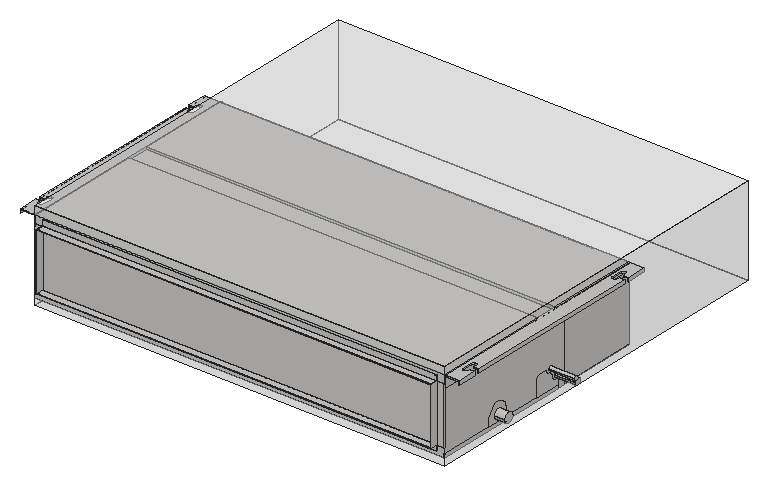
Revit family "outputfile", category 機械設備, Revit 2024
Family settings
  丸型コネクタ寸法 = 半径を使用
  パーツ タイプ = 標準
  OmniClass 番号 = 23.75.10.24.21.27.27
  OmniClass タイトル = Split System Air Conditioning Units
  作業面ベース = いいえ
  常に垂直 = はい
  ロード時にボイドで切り取り = いいえ
  注釈の向きを維持 = いいえ
  共有 = いいえ
  部屋計算ポイント = はい
Parameters (values of type "FDLF24DV2S")
  Description = ""
  書き出し IFC クラス(タイプ) = "IfcUnitaryEquipmentType"
  定義済み IFC タイプ(タイプ) = "AIRCONDITIONINGUNIT"
  Cost = 0
  Type Comments = ""
  Keynote = ""
  Type Image = (empty or 0)
  Assembly Code = ""
  switch_frequency = yes
  ld_powersupply = Depth / 2  # 310 mm
  connector_voltage = Voltage_50Hz  # 220 V
  connector_powerinput = [Power Input (Cooling)]  # 0.000 kW
  connector_phase = Phase_50Hz  # 1
  angle_liquidpipe [instance] = if(Right Connection_refrigerant, 90.00°, 270.00°)  # 90.00°
  angle_gaspipe [instance] = if(Right Connection_refrigerant, 90.00°, 270.00°)  # 90.00°
  angle_drainpipe [instance] = if(Right Connection_refrigerant, 90.00°, 270.00°)  # 90.00°
  URL = ""
  Right Connection_refrigerant [instance] = yes
  製造元 = "Daikin"
  モデル = "FDLF24DV2S"
  r_Liquid Pipe Size = Liquid Pipe Size / 2  # 4.75 mm
  r_Gas Pipe Size = Gas Pipe Size / 2  # 7.95 mm
  r_Drain Pipe Size = Drain Pipe Size / 2  # 12.5 mm
  lw_powersupply = 50 mm  # constant formula
  lw_ductflange2 = 1003 mm
  lw_Width = 1060 mm
  lh_suctionflange [instance] = 100 mm  # constant formula
  ld_suctionflange [instance] = if(Rear Connection_Return Air, 190.25 mm, 100.25 mm)  # 190.25 mm
  angle_vertical_RA [instance] = if(Rear Connection_Return Air, 90.00°, 0.00°)  # 90.00°
  angle horizontal_RA [instance] = if(Rear Connection_Return Air, 180.00°, 270.00°)  # 180.00°
  Voltage_comment_50Hz = "220 - 240"
  Voltage_50Hz = 220 V
  Supply Air Direction [instance] = yes
  Sound Power Level_H speed (dB) = 0
  Rear Connection_Return Air [instance] = not(Bottom Connection_Return Air)  # yes
  RA_length [instance] = if(Rear Connection_Return Air, 190.25 mm, 100 mm)  # 190.25 mm
  Phase_50Hz = 1
  Minimum External Static Pressure = 15.00 Pa
  Minimum Circuit Amps_50Hz = 0.0 A
  Maximum Fuse Amps_50Hz = 0.0 A
  Maximum External Static Pressure = 38.00 Pa
  Material_Casing = DAIKIN_GalvanizedSteel_Casing_indoorunit
  lw_liquidpipe = 621 mm
  lw_gaspipe = 608 mm
  lw_mountinghole = 1140 mm
  lw_drainpipe = 580 mm
  lh_powersupply = 150 mm  # constant formula
  lh_liquidpipe = 138 mm  # constant formula
  lh_gaspipe = 160 mm  # constant formula
  lh_mountinghole = Height  # 200 mm
  lh_drainpipe = 170 mm  # constant formula
  lh_antena = 1 mm  # constant formula
  ld_liquidpipe = 353 mm  # constant formula
  ld_gaspipe = 375 mm  # constant formula
  ld_mountinghole = 500 mm  # constant formula
  ld_drainpipe = 178 mm  # constant formula
  ld_controlbox = 626 mm  # constant formula
  h*** = 0 mm  # constant formula
  d_dischargeflange = 21.2 mm  # constant formula
  Width = 1100 mm
  Version = "ver.1.0"
  Unit Type = "L.S.P. Duct for Living Room"
  Unit Mass Weight = 31.00 kg
  Unit Designation [instance] = ""
  Uniclass2015Version = "Products v1.30"
  Uniclass2015Title = "Split coil room air conditioning units"
  Uniclass2015Code = "Pr_70_65_03_86"
  Total Cooling Capacity [instance] = 0.000 kW
  Sound Pressure Level_M speed (dBA) = 37
  Sound Pressure Level_L speed (dBA) = 34
  Sound Pressure Level_H speed (dBA) = 40
  Series = "SkyAir_Fan Coil Unit"
  Sensible Cooling Capacity [instance] = 0.000 kW
  SA Duct Size Width = 1060 mm
  SA Duct Size Height = 153 mm
  Refrigerant Type = "R32"
  RA Duct Size Width = 961 mm
  RA Duct Size Height = 160 mm
  Power Input (Cooling) = 0.000 kW
  Option Accessory 3 [instance] = ""
  Option Accessory 2 [instance] = ""
  Option Accessory 1 [instance] = ""
  Nominal Cooling Capacity = 7.000 kW
  Minimum Airflow = 990.00 m³/h
  Median Airflow = 1080.00 m³/h
  Maximum Airflow = 1200.00 m³/h
  Load Classification = HVAC
  Liquid Pipe Size = 9.5 mm
  Link_Nested Family [instance] = ""
  Left Connection_refrigerant [instance] = not(Right Connection_refrigerant)  # no
  IfcVersion = ""
  IfcExportType = "AIRCONDITIONINGUNIT"
  IfcExportAs = "IfcUnitaryEquipmentType"
  Height = 200 mm
  Heat Exchanger Type = "Cross Fin Coil"
  Gas Pipe Size = 15.9 mm
  Frequency_50Hz = 50 Hz
  Fan Type = "Sirocco Fan"
  Fan Drive = "Direct Drive"
  FCU Tag No. [instance] = ""
  Drain Pipe Size = 25.0 mm
  Design Supply Airflow [instance] = 0.00 m³/h
  Design Return Airflow [instance] = 0.00 m³/h
  Design External Static Pressure [instance] = 0.00 Pa
  Depth = 620 mm
  既定の高さ = 0 mm
  Cooling Entering Wet Bulb Temperature [instance] = 0.00 °C
  Cooling Entering Dry Bulb Temperature [instance] = 0.00 °C
  Cooling Ambient Wet Bulb Temperature [instance] = 0.00 °C
  Cooling Ambient Dry Bulb Temperature [instance] = 0.00 °C
  Clearance visibility [instance] = yes
  Clearance Top = 20 mm
  Clearance Right = 0 mm
  Clearance Rear = 400 mm
  Clearance Left = 0 mm
  Clearance Front = 0 mm
  Clearance Bottom = 20 mm
  Bottom Connection_Return Air [instance] = no
Reference planes
  plane 1 "Center (Front/Back)": y = 0
  plane 2: z = 0
  plane 3 "Center (Left/Right)": x = 0
  plane 4 "Back": y = 310
  plane 5 "Front": y = -310
  plane 6 "Left": x = -550
  plane 7 "Right": x = 550
  plane 8 "Top": z = 0
  plane 9 "Bottom": z = -200
  plane 10: x = -570
  plane 11: x = 570
  plane 12: y = 250
  plane 13: z = 0
  plane 14 "Clearance Left": x = -550
  plane 15 "Clearance Right": x = 550
  plane 16 "Clearance Rear": y = 710
  plane 17 "Clearance Front": y = -310
  plane 18 "Clearance Top": z = 20
  plane 19 "Clearance Bottom": z = -220
  plane 20: y = -250
  plane 21: z = -21
  plane 22: z = -97.5
  plane 23: x = -48.5
  plane 24: y = 119.75
  plane 25: z = -100
  plane 26: y = 65
  plane 27: z = -160
  plane 28: y = 43
  plane 29: z = -138
  plane 30: y = -132
  plane 31: z = -170
  plane 32: x = 608
  plane 33: x = 621
  plane 34: x = 580
  plane 35: x = 500
  plane 36: z = -150
  plane 37: x = -580
  plane 38: x = -621
  plane 39: x = -608
Forms (mm)
  Extrusion 1, solid, material "DAIKIN_GalvanizedSteel_Casing_indoorunit" <- "Material_Casing"
    sketch origin (0, 0, 0) x (1, 0, 0) y (0, 1, 0)
      loop
        line (-550, -310) -> (550, -310) -> (550, 310) -> (-550, 310) -> (-550, -310)
    from -200 to 0
  Extrusion 2, void
    sketch origin (0, 0, 1) x (1, 0, 0) y (0, 1, 0)
      loop
        line (-550, 61.5) -> (-550, 3.5) -> (550, 3.5) -> (550, 61.5) -> (-550, 61.5)
    from -1 to -7
  Extrusion 3, solid, material "DAIKIN_GalvanizedSteel_Casing_indoorunit" <- "Material_Casing", visible <- "Bottom Connection_Return Air"
    sketch origin (0, 0, 0) x (1, 0, 0) y (0, 0, 1)
      loop
        line (452, -199.25) -> (452, -0.75) -> (-549, -0.75) -> (-549, -199.25) -> (452, -199.25)
    from -310 to -309
  Extrusion 4, solid, material "DAIKIN_GalvanizedSteel_Casing_indoorunit" <- "Material_Casing", visible <- "Rear Connection_Return Air"
    sketch origin (0, 0, 0) x (1, 0, 0) y (0, 1, 0)
      loop
        line (-549, 309) -> (-549, 110.5) -> (452, 110.5) -> (452, 309) -> (-549, 309)
    from -200 to -199
  Extrusion 5, solid, material "DAIKIN_GalvanizedSteel_Casing_indoorunit" <- "Material_Casing", visible <- "Right Connection_refrigerant"
    sketch origin (550, 0, 0) x (0, 1, 0) y (0, 0, 1)
      loop
        circle (65, -160) r 7.95
    from 0 to 58
  Extrusion 6, solid, material "DAIKIN_GalvanizedSteel_Casing_indoorunit" <- "Material_Casing", visible <- "Right Connection_refrigerant"
    sketch origin (550, 0, 0) x (0, 1, 0) y (0, 0, 1)
      loop
        circle (43, -138) r 4.75
    from 0 to 71
  Extrusion 7, solid, material "DAIKIN_GalvanizedSteel_Casing_indoorunit" <- "Material_Casing", visible <- "Right Connection_refrigerant"
    sketch origin (550, 0, 0) x (0, 1, 0) y (0, 0, 1)
      loop
        line (-310, -200) -> (70, -200) -> (70, -190) -> (-310, -190) -> (-310, -200)
    from 0 to -1
  Extrusion 8, solid, material "DAIKIN_GalvanizedSteel_Casing_indoorunit" <- "Material_Casing", visible <- "Right Connection_refrigerant"
    sketch origin (550, 0, 0) x (0, 1, 0) y (0, 0, 1)
      loop
        arc (96, -27.5) -> (93.879, -28.379) -> (93, -30.5) r 3
        line (93, -30.5) -> (93, -194.5)
        arc (93, -194.5) -> (93.879, -196.621) -> (96, -197.5) r 3
        line (96, -197.5) -> (310, -197.5) -> (310, -27.5) -> (96, -27.5)
    from 0 to -1
  Extrusion 9, solid, material "DAIKIN_GalvanizedSteel_Casing_indoorunit" <- "Material_Casing", visible <- "Right Connection_refrigerant"
    sketch origin (550, 0, 0) x (0, 1, 0) y (0, 0, 1)
      loop
        arc (-104, -170) -> (-132, -142) -> (-160, -170) r 28
        line (-160, -170) -> (-160, -190) -> (-104, -190) -> (-104, -170)
    from 0 to -1
  Extrusion 10, solid, material "DAIKIN_GalvanizedSteel_Casing_indoorunit" <- "Material_Casing", visible <- "Right Connection_refrigerant"
    sketch origin (550, 0, 0) x (0, 1, 0) y (0, 0, 1)
      loop
        line (70, -190) -> (70, -174.671)
        arc (70, -174.671) -> (54.678, -171.563) -> (49.857, -156.691) r 15.5
        line (49.857, -156.691) -> (43.472, -150.991)
        arc (43.472, -150.991) -> (34.343, -147.698) -> (30.039, -139) r 13
        line (30.039, -139) -> (2, -139)
        arc (2, -139) -> (-0.121, -139.879) -> (-1, -142) r 3
        line (-1, -142) -> (-1, -190) -> (70, -190)
    from 0 to -1
  Extrusion 11, solid, material "DAIKIN_GalvanizedSteel_Casing_indoorunit" <- "Material_Casing", visible <- "Left Connection_refrigerant"
    sketch origin (-550, 0, 0) x (0, 1, 0) y (0, 0, 1)
      loop
        line (-310, -200) -> (70, -200) -> (70, -190) -> (-310, -190) -> (-310, -200)
    from 0 to -1
  Extrusion 12, solid, material "DAIKIN_GalvanizedSteel_Casing_indoorunit" <- "Material_Casing", visible <- "Left Connection_refrigerant"
    sketch origin (-550, 0, 0) x (0, 1, 0) y (0, 0, 1)
      loop
        arc (96, -27.5) -> (93.879, -28.379) -> (93, -30.5) r 3
        line (93, -30.5) -> (93, -194.5)
        arc (93, -194.5) -> (93.879, -196.621) -> (96, -197.5) r 3
        line (96, -197.5) -> (310, -197.5) -> (310, -27.5) -> (96, -27.5)
    from 0 to -1
  Extrusion 13, solid, material "DAIKIN_GalvanizedSteel_Casing_indoorunit" <- "Material_Casing", visible <- "Left Connection_refrigerant"
    sketch origin (-550, 0, 0) x (0, 1, 0) y (0, 0, 1)
      loop
        arc (-104, -170) -> (-132, -142) -> (-160, -170) r 28
        line (-160, -170) -> (-160, -190) -> (-104, -190) -> (-104, -170)
    from 0 to -1
  Extrusion 14, solid, material "DAIKIN_GalvanizedSteel_Casing_indoorunit" <- "Material_Casing", visible <- "Left Connection_refrigerant"
    sketch origin (-550, 0, 0) x (0, 1, 0) y (0, 0, 1)
      loop
        line (70, -190) -> (70, -174.671)
        arc (70, -174.671) -> (54.678, -171.563) -> (49.857, -156.691) r 15.5
        line (49.857, -156.691) -> (43.472, -150.991)
        arc (43.472, -150.991) -> (34.343, -147.698) -> (30.039, -139) r 13
        line (30.039, -139) -> (2, -139)
        arc (2, -139) -> (-0.121, -139.879) -> (-1, -142) r 3
        line (-1, -142) -> (-1, -190) -> (70, -190)
    from 0 to -1
  Extrusion 15, solid, material "DAIKIN_GalvanizedSteel_Casing_indoorunit" <- "Material_Casing", visible <- "Left Connection_refrigerant"
    sketch origin (-550, 0, 0) x (0, 1, 0) y (0, 0, 1)
      loop
        circle (43, -138) r 4.75
    from -71 to 0
  Extrusion 16, solid, material "DAIKIN_GalvanizedSteel_Casing_indoorunit" <- "Material_Casing", visible <- "Left Connection_refrigerant"
    sketch origin (-550, 0, 0) x (0, 1, 0) y (0, 0, 1)
      loop
        circle (65, -160) r 7.95
    from -58 to 0
  Extrusion 17, solid, material "DAIKIN_GalvanizedSteel_Casing_indoorunit" <- "Material_Casing", visible <- "Left Connection_refrigerant"
    sketch origin (-550, 0, 0) x (0, 1, 0) y (0, 0, 1)
      loop
        circle (-132, -170) r 12.5
    from -30 to 0
  Extrusion 18, solid, material "DAIKIN_GalvanizedSteel_Casing_indoorunit" <- "Material_Casing", visible <- "Right Connection_refrigerant"
    sketch origin (550, 0, 0) x (0, 1, 0) y (0, 0, 1)
      loop
        circle (-132, -170) r 12.5
    from 0 to 30
Cuts and joins
  Extrusion 2 cuts Extrusion 1
Dimensions and locks
  "Height": plane 8 "Top" to plane 9 "Bottom"
  equal spacing: plane 10, plane 3 "Center (Left/Right)", plane 11
  "lw_mountinghole": plane 10 to plane 11
  equal spacing: plane 6 "Left", plane 3 "Center (Left/Right)", plane 7 "Right"
  "Width": plane 6 "Left" to plane 7 "Right"
  "Clearance Right": plane 7 "Right" to plane 15 "Clearance Right"
  "Clearance Left": plane 14 "Clearance Left" to plane 6 "Left"
  "Clearance Rear": plane 16 "Clearance Rear" to plane 4 "Back"
  "Clearance Front": plane 5 "Front" to plane 17 "Clearance Front"
  "Clearance Top": plane 18 "Clearance Top" to plane 8 "Top"
  "Clearance Bottom": plane 9 "Bottom" to plane 19 "Clearance Bottom"
  "Depth": plane 4 "Back" to plane 5 "Front"
  equal spacing: plane 4 "Back", plane 1 "Center (Front/Back)", plane 5 "Front"
  Extrusion 3 sketch curve to Extrusion 3 sketch curve = 198.5 mm
  locked: plane 20 to plane 5 "Front" at 60
  "ld_mountinghole": plane 12 to plane 20
  locked: plane 8 "Top" to plane 21 at 21
  locked: plane 23 to plane 3 "Center (Left/Right)" at 48.5
  "ld_suctionflange": plane 4 "Back" to plane 24
  "lh_suctionflange": plane 8 "Top" to plane 25
  "ld_gaspipe": plane 26 to plane 5 "Front"
  "lh_gaspipe": plane 8 "Top" to plane 27
  "ld_liquidpipe": plane 28 to plane 5 "Front"
  "lh_liquidpipe": plane 8 "Top" to plane 29
  "ld_drainpipe": plane 30 to plane 5 "Front"
  "lh_drainpipe": plane 8 "Top" to plane 31
  "lw_powersupply": plane 35 to plane 7 "Right"
  "lh_powersupply": plane 8 "Top" to plane 36
  "lw_gaspipe": plane 3 "Center (Left/Right)" to plane 32
  "lw_liquidpipe": plane 3 "Center (Left/Right)" to plane 33
  "lw_drainpipe": plane 3 "Center (Left/Right)" to plane 34
  "lw_liquidpipe": plane 38 to plane 3 "Center (Left/Right)"
  "lw_gaspipe": plane 39 to plane 3 "Center (Left/Right)"
  "lw_drainpipe": plane 37 to plane 3 "Center (Left/Right)"
  "r_Gas Pipe Size": radius of Extrusion 5 sketch curve
  "r_Liquid Pipe Size": radius of Extrusion 6 sketch curve
  "r_Liquid Pipe Size": radius of Extrusion 15 sketch curve
  "r_Gas Pipe Size": radius of Extrusion 16 sketch curve
  "r_Drain Pipe Size": radius of Extrusion 17 sketch curve
  "r_Drain Pipe Size": radius of Extrusion 18 sketch curve
  aligned and locked: level to plane 2
  aligned and locked: Extrusion 1 to plane 9 "Bottom"
  aligned and locked: plane 8 "Top" to Extrusion 1
  aligned and locked: plane 11 to nested 2
  aligned and locked: plane 10 to nested 3
  aligned and locked: plane 10 to nested 4
  aligned and locked: plane 8 "Top" to Extrusion 2
  aligned and locked: plane 9 "Bottom" to Extrusion 4  (x2)
  aligned and locked: plane 7 "Right" to cut or joined group of Extrusion 1, Extrusion 2  (x2)
  aligned and locked: plane 3 "Center (Left/Right)" to nested 9
  aligned and locked: plane 6 "Left" to nested 7
  aligned and locked: plane 8 "Top" to nested 9
  aligned and locked: plane 11 to nested 1
  aligned and locked: nested 6 to plane 1 "Center (Front/Back)"
  aligned and locked: plane 3 "Center (Left/Right)" to nested 6
  aligned and locked: level to plane 8 "Top"
  aligned and locked: plane 1 "Center (Front/Back)" to nested 9
  aligned and locked: plane 5 "Front" to nested 10
  aligned and locked: Extrusion 1 sketch curve to plane 5 "Front"
  aligned and locked: plane 21 to nested 10
  aligned and locked: nested 5 to plane 5 "Front"
  aligned and locked: plane 3 "Center (Left/Right)" to nested 5
  aligned and locked: plane 22 to nested 5
  aligned and locked: Extrusion 2 sketch curve to plane 6 "Left"
  aligned and locked: plane 7 "Right" to Extrusion 2 sketch curve
  aligned and locked: nested 11 to plane 23
  aligned and locked: nested 11 to plane 24
  aligned and locked: plane 27 to Extrusion 5 sketch curve
  aligned and locked: plane 26 to Extrusion 5 sketch curve
  aligned and locked: plane 28 to Extrusion 6 sketch curve
  aligned and locked: plane 29 to Extrusion 6 sketch curve
  aligned and locked: plane 32 to Extrusion 5
  aligned and locked: plane 33 to Extrusion 6
  aligned and locked: Extrusion 7 sketch curve to plane 9 "Bottom"
  aligned and locked: Extrusion 7 sketch curve to plane 5 "Front"
  aligned and locked: plane 14 "Clearance Left" to nested 12
  aligned and locked: plane 15 "Clearance Right" to nested 12
  aligned and locked: plane 16 "Clearance Rear" to nested 12
  aligned and locked: nested 12 to plane 17 "Clearance Front"
  aligned and locked: nested 12 to plane 18 "Clearance Top"
  aligned and locked: nested 12 to plane 19 "Clearance Bottom"
  aligned and locked: nested 13 to plane 35
  aligned and locked: nested 13 to plane 36
  aligned and locked: plane 4 "Back" to nested 13
  aligned and locked: nested 14 to plane 26
  aligned and locked: plane 3 "Center (Left/Right)" to nested 14
  aligned and locked: nested 14 to plane 27
  aligned and locked: nested 15 to plane 28
  aligned and locked: plane 3 "Center (Left/Right)" to nested 15
  aligned and locked: nested 15 to plane 29
  aligned and locked: nested 16 to plane 30
  aligned and locked: plane 3 "Center (Left/Right)" to nested 16
  aligned and locked: nested 16 to plane 31
  aligned and locked: plane 29 to Extrusion 15 sketch curve
  aligned and locked: plane 28 to Extrusion 15 sketch curve
  aligned and locked: Extrusion 15 to plane 38
  aligned and locked: plane 6 "Left" to Extrusion 15
  aligned and locked: plane 26 to Extrusion 16 sketch curve
  aligned and locked: plane 27 to Extrusion 16 sketch curve
  aligned and locked: Extrusion 16 to plane 39
  aligned and locked: plane 6 "Left" to Extrusion 16
  aligned and locked: plane 30 to Extrusion 17 sketch curve
  aligned and locked: Extrusion 17 to plane 37
  aligned and locked: plane 6 "Left" to Extrusion 17
  aligned and locked: Extrusion 5 to plane 7 "Right"
  aligned and locked: Extrusion 6 to plane 7 "Right"
  aligned and locked: plane 30 to Extrusion 18 sketch curve
  aligned and locked: plane 31 to Extrusion 18 sketch curve
  aligned and locked: plane 34 to Extrusion 18
  aligned and locked: Extrusion 18 to plane 7 "Right"
Automatic sketch dimensions
  Extrusion 1 sketch curve to plane 4 "Back" = 0 mm
  Extrusion 1 sketch curve to plane 6 "Left" = 0 mm
  Extrusion 1 sketch curve to plane 7 "Right" = 0 mm
  Extrusion 2 sketch curve to plane 1 "Center (Front/Back)" = 3.5 mm
  Extrusion 2 sketch curve to plane 26 = 3.5 mm
  plane 9 "Bottom" to Extrusion 3 sketch curve = 0.75 mm
  plane 6 "Left" to Extrusion 3 sketch curve = 1 mm
  Extrusion 3 sketch curve to plane 35 = 48 mm
  Extrusion 4 sketch curve to plane 4 "Back" = 1 mm
  plane 6 "Left" to Extrusion 4 sketch curve = 1 mm
  Extrusion 4 sketch curve to plane 35 = 48 mm
  Extrusion 4 sketch curve to plane 24 = 9.25 mm
  plane 26 to Extrusion 7 sketch curve = 5 mm
  Extrusion 7 sketch curve to Extrusion 7 sketch curve = 10 mm
  Extrusion 8 sketch curve to plane 21 = 9.5 mm
  Extrusion 8 sketch curve to plane 24 = 23.75 mm  (x2)
  plane 9 "Bottom" to Extrusion 8 sketch curve = 5.5 mm
  Extrusion 8 sketch curve to Extrusion 8 sketch curve = 3 mm
  Extrusion 9 sketch curve to plane 31 = 0 mm
  Extrusion 9 sketch curve to plane 30 = 0 mm
  plane 9 "Bottom" to Extrusion 9 sketch curve = 10 mm
  Extrusion 9 sketch curve to plane 30 = 28 mm
  Extrusion 10 sketch curve to plane 28 = 0 mm
  Extrusion 10 sketch curve to plane 26 = 0 mm
  Extrusion 10 sketch curve to plane 27 = 0 mm
  Extrusion 10 sketch curve to plane 29 = 0 mm
  Extrusion 10 sketch curve to plane 29 = 1 mm
  Extrusion 10 sketch curve to plane 28 = 12.961 mm
  Extrusion 10 sketch curve to plane 1 "Center (Front/Back)" = 2 mm
  plane 1 "Center (Front/Back)" to Extrusion 10 sketch curve = 1 mm
  plane 28 to Extrusion 10 sketch curve = 0.472 mm
  plane 27 to Extrusion 10 sketch curve = 3.309 mm
  plane 28 to Extrusion 10 sketch curve = 6.857 mm
  plane 26 to Extrusion 10 sketch curve = 5 mm
  plane 9 "Bottom" to Extrusion 10 sketch curve = 10 mm
  Extrusion 8 sketch curve to plane 4 "Back" = 0 mm
  Extrusion 17 sketch curve to plane 31 = 0 mm
  Extrusion 12 sketch curve to plane 4 "Back" = 0 mm
  plane 9 "Bottom" to Extrusion 12 sketch curve = 5.5 mm
  Extrusion 12 sketch curve to plane 24 = 23.75 mm  (x2)
  Extrusion 12 sketch curve to plane 21 = 6.5 mm
  Extrusion 12 sketch curve to Extrusion 12 sketch curve = 3 mm
  Extrusion 14 sketch curve to plane 28 = 0 mm
  Extrusion 14 sketch curve to plane 26 = 0 mm
  Extrusion 14 sketch curve to plane 27 = 0 mm
  Extrusion 14 sketch curve to plane 29 = 0 mm
  Extrusion 14 sketch curve to plane 29 = 1 mm
  Extrusion 14 sketch curve to plane 28 = 12.961 mm
  Extrusion 14 sketch curve to plane 1 "Center (Front/Back)" = 2 mm
  plane 1 "Center (Front/Back)" to Extrusion 14 sketch curve = 1 mm
  plane 28 to Extrusion 14 sketch curve = 0.472 mm
  plane 27 to Extrusion 14 sketch curve = 3.309 mm
  plane 28 to Extrusion 14 sketch curve = 6.857 mm
  plane 26 to Extrusion 14 sketch curve = 5 mm
  plane 9 "Bottom" to Extrusion 14 sketch curve = 10 mm
  Extrusion 11 sketch curve to plane 5 "Front" = 0 mm
  Extrusion 11 sketch curve to plane 9 "Bottom" = 0 mm
  plane 26 to Extrusion 11 sketch curve = 5 mm
  Extrusion 11 sketch curve to Extrusion 11 sketch curve = 10 mm
  Extrusion 13 sketch curve to plane 31 = 0 mm
  Extrusion 13 sketch curve to plane 30 = 0 mm
  plane 9 "Bottom" to Extrusion 13 sketch curve = 10 mm
  Extrusion 13 sketch curve to plane 30 = 28 mm
Nested families
  nested 1: "daikin_mountinghole" at (570, 250, -200), l_antenna <- "lh_antena", Link_Nested Family <- "Link_Nested Family", h_mountinghole <- "lh_mountinghole", type "daikin_mountinghole"
    with show yes, l_antenna 1 mm, h_mountinghole 200 mm, Link_Nested Family ""
  nested 2: "daikin_mountinghole" at (570, -250, -200), Link_Nested Family <- "Link_Nested Family", l_antenna <- "lh_antena", h_mountinghole <- "lh_mountinghole", type "daikin_mountinghole"
    with show yes, l_antenna 1 mm, h_mountinghole 200 mm, Link_Nested Family ""
  nested 3: "daikin_mountinghole" at (-570, -250, -200), l_antenna <- "lh_antena", Link_Nested Family <- "Link_Nested Family", h_mountinghole <- "lh_mountinghole", type "daikin_mountinghole"
    with show yes, l_antenna 1 mm, h_mountinghole 200 mm, Link_Nested Family ""
  nested 4: "daikin_mountinghole" at (-570, 250, -200), l_antenna <- "lh_antena", Link_Nested Family <- "Link_Nested Family", h_mountinghole <- "lh_mountinghole", type "daikin_mountinghole"
    with show yes, l_antenna 1 mm, h_mountinghole 200 mm, Link_Nested Family ""
  nested 5: "daikin_connector_rotate2" at (0, -310, -97.5), length <- "d_dischargeflange", type "daikin_connector_rotate2"
    with radius 10 mm, length 21.2 mm, angle_vertical 90.00°, show_face no
  nested 6: "daikin_△_symbolicline" at (-75, -129.904, 200) x (-0.5, 0.866, 0) z (0, 0, 1), built-in parameter 1001364 <- "Height", visible <- "Supply Air Direction", type "daikin_△_symbolicline"
    with length 300 mm
  nested 7: "daikin_ductflange_FDLF-DV2S_1" at (-48.5, 310, -100), visible <- "Rear Connection_Return Air", material <- "Material_Casing", width <- "lw_ductflange2", type "daikin_ductflange_FDLF-DV2S_1"
    with width 1003 mm, material DAIKIN_GalvanizedSteel_Casing_indoorunit, height 180 mm, depth 21.2 mm
  nested 8: "daikin_ductflange_FDLF-DV2S_1" at (-48.5, 209.75, -200) x (1, 0, 0) z (0, 1, 0), visible <- "Bottom Connection_Return Air", material <- "Material_Casing", width <- "lw_ductflange2", type "daikin_ductflange_FDLF-DV2S_1"
    with width 1003 mm, material DAIKIN_GalvanizedSteel_Casing_indoorunit, height 180 mm, depth 21.2 mm
  nested 9: "daikin_hangerfixture_FDLF-DV2S" at (0, 0, 0), type "daikin_hangerfixture_FDLF-DV2S"
    with width 1100 mm
  nested 10: "daikin_ductflange_FDLF-DV2S" at (0, 3.5, -364.201), width <- "lw_Width", material <- "Material_Casing", type "daikin_ductflange_FDLF-DV2S"
    with width 1060 mm, material DAIKIN_GalvanizedSteel_Casing_indoorunit, height 155 mm, depth 21.2 mm
  nested 11: "daikin_connector_rotate3" at (-48.5, 119.75, -100), length <- "RA_length", angle_vertical <- "angle_vertical_RA", angle_horizontal <- "angle horizontal_RA", type "daikin_connector_rotate3"
    with show no, radius 10 mm, length 190.25 mm, angle_vertical 90.00°, angle_horizontal 180.00°
  nested 12: "daikin_clearancespace" at (0, 200, -99.881), visible <- "Clearance visibility", Link_Nested Family <- "Link_Nested Family", show <- "Clearance visibility", type "daikin_clearancespace"
    with width 1100 mm, show yes, height 240 mm, depth 1020 mm, Link_Nested Family ""
  nested 13: "daikin_connector_rotate2" at (500, 0, -150) x (-1, 0, 0) z (0, 0, 1), length <- "ld_powersupply", type "daikin_connector_rotate2"
    with radius 10 mm, length 310 mm, angle_vertical 90.00°, show_face no
  nested 14: "daikin_connector_rotate3" at (0, 65, -160), angle_vertical <- "angle_gaspipe", radius <- "r_Gas Pipe Size", length <- "lw_gaspipe", type "daikin_connector_rotate3"
    with show no, radius 7.95 mm, length 608 mm, angle_vertical 90.00°, angle_horizontal 90.00°
  nested 15: "daikin_connector_rotate3" at (0, 43, -138), angle_vertical <- "angle_liquidpipe", length <- "lw_liquidpipe", radius <- "r_Liquid Pipe Size", type "daikin_connector_rotate3"
    with show no, radius 4.75 mm, length 621 mm, angle_vertical 90.00°, angle_horizontal 90.00°
  nested 16: "daikin_connector_rotate3" at (0, -132, -170), angle_vertical <- "angle_drainpipe", length <- "lw_drainpipe", radius <- "r_Drain Pipe Size", type "daikin_connector_rotate3"
    with show no, radius 12.5 mm, length 580 mm, angle_vertical 90.00°, angle_horizontal 90.00°
Connectors
  hvac at (0, -331.2, -97.5), driven by "SA Duct Size Height", driven by "SA Duct Size Width"
    settings: on nested 5, index 1, duct flow 0.00 m³/h, flow factor 0, pres drop 0.00 Pa, loss coef 0, conn angle 0.00°, conn width 1060.0 mm, conn height 153.0 mm, conn diameter 609.6 mm, duct sys type 1, conn prof type 1, flow config 0, flow direction 2, loss method 4, conn ref index -1, conn util no, is conn primary yes, conn desc "SA Duct"
  hvac at (-48.5, 310, -100), driven by "RA Duct Size Height", driven by "RA Duct Size Width"
    settings: on nested 11, index 2, duct flow 0.00 m³/h, flow factor 0, pres drop 0.00 Pa, loss coef 0, conn angle 0.00°, conn width 961.0 mm, conn height 160.0 mm, conn diameter 609.6 mm, duct sys type 2, conn prof type 1, flow config 0, flow direction 1, loss method 4, conn ref index -1, conn util no, is conn primary no, conn desc "RA Duct"
  electrical at (500, 310, -150), driven by "Load Classification", driven by "connector_powerinput", driven by "connector_phase", driven by "connector_voltage"
    settings: on nested 13, index 6, voltage 220 V, apparent load 0 VA, apparent load phase1 0 VA, apparent load phase2 0 VA, apparent load phase3 0 VA, power factor 1, load classification "HVAC", number of poles 1, system type 30, power factor state 1, is connector primary yes, connector utility no, sub classification motor no, connector description "Power Supply"
  piping at (608, 65, -160), diameter 15.9, driven by "r_Gas Pipe Size"
    settings: on nested 14, index 7, connector inside diameter 609.6 mm, connector length 0 mm, flow factor 0, pipe flow 0.00 m³/h, pressure drop 0.0 Pa, fitting loss kfactor 0, connector angle 0.00°, fixture units 0, engagement length 0 mm, angle of deflection 0.00°, flow configuration 1, flow direction 2, fitting loss method 0, system type 29, joint type 0, gender type 0, connector reference index -1, connector utility 0, adjustable connector no, is connector primary yes, connector description "Refrigerant Gas Piping"
  piping at (621, 43, -138), diameter 9.5, driven by "r_Liquid Pipe Size"
    settings: on nested 15, index 8, connector inside diameter 609.6 mm, connector length 0 mm, flow factor 0, pipe flow 0.00 m³/h, pressure drop 0.0 Pa, fitting loss kfactor 0, connector angle 0.00°, fixture units 0, engagement length 0 mm, angle of deflection 0.00°, flow configuration 1, flow direction 1, fitting loss method 0, system type 29, joint type 0, gender type 0, connector reference index -1, connector utility 0, adjustable connector no, is connector primary no, connector description "Refrigerant Liquid Piping"
  piping at (580, -132, -170), diameter 25, driven by "r_Drain Pipe Size"
    settings: on nested 16, index 9, connector inside diameter 609.6 mm, connector length 0 mm, flow factor 0, pipe flow 0.00 m³/h, pressure drop 0.0 Pa, fitting loss kfactor 0, connector angle 0.00°, fixture units 0, engagement length 0 mm, angle of deflection 0.00°, flow configuration 1, flow direction 2, fitting loss method 4, system type 16, joint type 0, gender type 0, connector reference index -1, connector utility 0, adjustable connector no, is connector primary no, connector description "Condensate Drain Piping"
Definition of nested family "daikin_ductflange_FDLF-DV2S_1"
  Parameters (values of type "daikin_ductflange_FDLF-DV2S_1")
    width [instance] = 620 mm
    material [instance] = none
    height [instance] = 180 mm
    depth [instance] = 21.2 mm
    Default Elevation = 0 mm
  Reference planes
    plane 1 "Center (Front/Back)": y = 0
    plane 2: z = 0
    plane 3 "Center (Left/Right)": x = 0
    plane 4: x = -310
    plane 5: x = 310
    plane 6: z = 90
    plane 7: z = -90
    plane 8: z = 100.25
    plane 9: z = -100.25
    plane 10: x = -309
    plane 11: x = 309
  Forms (mm)
    Extrusion 1, solid, material <- "material"
      sketch origin (0, 0, 0) x (1, 0, 0) y (0, 0, 1)
        loop
          line (-289, 80) -> (-289, -80) -> (289, -80) -> (289, 80) -> (-289, 80)
        loop
          line (-309, -99.25) -> (309, -99.25) -> (309, 99.25) -> (-309, 99.25) -> (-309, -99.25)
      from 0 to 1
  Dimensions and locks
    equal spacing: plane 5, plane 3 "Center (Left/Right)", plane 4, locked at 310 each
    "width": plane 5 to plane 4
    plane 10 to plane 4 = 1 mm
    locked: plane 5 to plane 11 at 1
    locked: Extrusion 1 sketch curve to Extrusion 1 sketch curve at 20  (x2)
    plane 8 to Extrusion 1 sketch curve = 1 mm
    locked: Extrusion 1 sketch curve to plane 9 at 1
    aligned and locked: level to plane 2
  Automatic sketch dimensions
    plane 4 to Extrusion 1 sketch curve = 1 mm
    Extrusion 1 sketch curve to plane 5 = 1 mm
    Extrusion 1 sketch curve to plane 6 = 10 mm
    plane 7 to Extrusion 1 sketch curve = 10 mm
Definition of nested family "daikin_hangerfixture_FDLF-DV2S"
  Parameters (values of type "daikin_hangerfixture_FDLF-DV1")
    width = 900 mm
    material = none
    height = 30 mm
    depth = 620 mm
    Default Elevation = 0 mm
  Reference planes
    plane 1 "Center (Front/Back)": y = 0
    plane 2: z = 0
    plane 3 "Center (Left/Right)": x = 0
    plane 4: x = 450
    plane 5: y = 310
    plane 6: y = -310
    plane 7: x = -450
    plane 8: z = -30
  Forms (mm)
    Extrusion 1, solid, material <- "material"
      sketch origin (0, 0, 0) x (1, 0, 0) y (0, 0, 1)
        loop
          line (450, 0) -> (450, -30) -> (452.3, -30) -> (452.3, -2.3) -> (487.7, -2.3) -> (487.7, -10) -> (490, -10) -> (490, 0) -> (450, 0)
      from -310 to 310
    Extrusion 2, void
      sketch origin (0, 0, 0) x (0, 1, 0) y (0, 0, 1)
        loop
          line (310, -30) -> (310, -17.979) -> (87.935, -17.979) -> (75.914, -30) -> (310, -30)
      from -786.78 to 600.701
    Extrusion 3, void
      sketch origin (0, 0, 0) x (1, 0, 0) y (0, 1, 0)
        loop
          line (490, -244.5) -> (477, -244.5) -> (477, -238)
          arc (477, -238) -> (470, -231) -> (463, -238) r 7
          line (463, -238) -> (463, -264)
          arc (463, -264) -> (470, -271) -> (477, -264) r 7
          line (477, -264) -> (477, -257.5) -> (490, -257.5) -> (490, -244.5)
        loop
          line (490, 244.5) -> (490, 257.5) -> (477, 257.5) -> (477, 264)
          arc (477, 264) -> (470, 271) -> (463, 264) r 7
          line (463, 264) -> (463, 238)
          arc (463, 238) -> (470, 231) -> (477, 238) r 7
          line (477, 238) -> (477, 244.5) -> (490, 244.5)
      from -254.96 to 618
    Extrusion 4, solid, material <- "material"
      sketch origin (0, 0, 0) x (-1, 0, 0) y (0, 0, -1)
        loop
          line (450, 0) -> (490, 0) -> (490, 10) -> (487.7, 10) -> (487.7, 2.3) -> (452.3, 2.3) -> (452.3, 30) -> (450, 30) -> (450, 0)
      from -310 to 310
    Extrusion 5, void
      sketch origin (0, 0, 0) x (-1, 0, 0) y (0, -1, 0)
        loop
          line (490, 244.5) -> (490, 257.5) -> (477, 257.5) -> (477, 264)
          arc (477, 264) -> (470, 271) -> (463, 264) r 7
          line (463, 264) -> (463, 238)
          arc (463, 238) -> (470, 231) -> (477, 238) r 7
          line (477, 238) -> (477, 244.5) -> (490, 244.5)
        loop
          line (490, -244.5) -> (477, -244.5) -> (477, -238)
          arc (477, -238) -> (470, -231) -> (463, -238) r 7
          line (463, -238) -> (463, -264)
          arc (463, -264) -> (470, -271) -> (477, -264) r 7
          line (477, -264) -> (477, -257.5) -> (490, -257.5) -> (490, -244.5)
      from -254.96 to 618
  Cuts and joins
    Extrusion 2, Extrusion 3, Extrusion 5 cuts Extrusion 1
    Extrusion 2, Extrusion 5 cuts Extrusion 4
  Dimensions and locks
    equal spacing: plane 5, plane 1 "Center (Front/Back)", plane 6
    "depth": plane 5 to plane 6
    plane 6 to plane 1 "Center (Front/Back)" to plane 5 = 310 mm, 310 mm
    equal spacing: plane 4, plane 3 "Center (Left/Right)", plane 7
    "width": plane 4 to plane 7
    "height": level to plane 8
    aligned and locked: level to plane 2
    aligned and locked: plane 5 to Extrusion 1
    aligned and locked: Extrusion 1 to plane 6
    aligned and locked: Extrusion 1 to plane 4
    aligned and locked: plane 5 to cut or joined group of Extrusion 1, Extrusion 2, Extrusion 3, Extrusion 5
    aligned and locked: cut or joined group of Extrusion 1, Extrusion 2, Extrusion 3, Extrusion 5 to plane 6
    aligned and locked: level to cut or joined group of Extrusion 1, Extrusion 2, Extrusion 3, Extrusion 5
    aligned and locked: cut or joined group of Extrusion 1, Extrusion 2, Extrusion 3, Extrusion 5 to plane 8
    aligned and locked: plane 5 to cut or joined group of Extrusion 2, Extrusion 4, Extrusion 5
    aligned and locked: cut or joined group of Extrusion 2, Extrusion 4, Extrusion 5 to plane 6
  Automatic sketch dimensions
    Extrusion 1 sketch curve to plane 4 = 0 mm
    Extrusion 1 sketch curve to plane 8 = 0 mm
    Extrusion 1 sketch curve to level = 0 mm
    plane 4 to Extrusion 1 sketch curve = 2.3 mm
    Extrusion 1 sketch curve to level = 2.3 mm
    Extrusion 1 sketch curve to Extrusion 1 sketch curve = 35.4 mm
    Extrusion 1 sketch curve to Extrusion 1 sketch curve = 2.3 mm
    Extrusion 1 sketch curve to Extrusion 1 sketch curve = 7.7 mm
    Extrusion 2 sketch curve to plane 8 = 0 mm
    Extrusion 2 sketch curve to plane 5 = 0 mm
    plane 8 to Extrusion 2 sketch curve = 12.021 mm
    Extrusion 2 sketch curve to plane 1 "Center (Front/Back)" = 87.935 mm
    Extrusion 2 sketch curve to Extrusion 2 sketch curve = 12.021 mm
    plane 4 to Extrusion 3 sketch curve = 13 mm  (x2)
    Extrusion 3 sketch curve to Extrusion 3 sketch curve = 7 mm  (x4)
    Extrusion 3 sketch curve to Extrusion 3 sketch curve = 13 mm  (x4)
    plane 6 to Extrusion 3 sketch curve = 46 mm
    Extrusion 3 sketch curve to Extrusion 3 sketch curve = 6.5 mm  (x4)
    Extrusion 3 sketch curve to plane 5 = 72 mm
    Extrusion 4 sketch curve to plane 7 = 0 mm
    Extrusion 4 sketch curve to plane 8 = 0 mm
    Extrusion 4 sketch curve to level = 0 mm
    Extrusion 4 sketch curve to plane 7 = 2.3 mm
    Extrusion 4 sketch curve to level = 2.3 mm
    Extrusion 4 sketch curve to Extrusion 4 sketch curve = 35.4 mm
    Extrusion 4 sketch curve to Extrusion 4 sketch curve = 2.3 mm
    Extrusion 4 sketch curve to Extrusion 4 sketch curve = 7.7 mm
    Extrusion 5 sketch curve to plane 7 = 13 mm  (x2)
    Extrusion 5 sketch curve to Extrusion 5 sketch curve = 7 mm  (x4)
    Extrusion 5 sketch curve to Extrusion 5 sketch curve = 13 mm  (x4)
    Extrusion 5 sketch curve to plane 5 = 46 mm
    Extrusion 5 sketch curve to Extrusion 5 sketch curve = 6.5 mm  (x4)
    plane 6 to Extrusion 5 sketch curve = 72 mm
Definition of nested family "daikin_ductflange_FDLF-DV2S"
  Parameters (values of type "daikin_ductflange_FXDQ-NDVET")
    width [instance] = 660 mm
    material [instance] = none
    height [instance] = 155 mm
    depth [instance] = 21.2 mm
    Default Elevation = 0 mm
  Reference planes
    plane 1 "Center (Front/Back)": y = 0
    plane 2: z = 189.201
    plane 3 "Center (Left/Right)": x = 0
    plane 4: y = -313.5
    plane 5: x = -330
    plane 6: x = 330
    plane 7: y = -334.7
    plane 8: z = 344.201
    plane 9: z = 266.701
    plane 10: z = 343.201
    plane 11: z = 190.201
  Forms (mm)
    Extrusion 1, solid, material <- "material"
      sketch origin (0, 0, 189.201) x (1, 0, 0) y (0, 1, 0)
        loop
          line (-330, -334.7) -> (-330, -313.5) -> (-350, -313.5) -> (-350, -314.5) -> (-331, -314.5) -> (-331, -334.7) -> (-330, -334.7)
        loop
          line (330, -334.7) -> (331, -334.7) -> (331, -314.5) -> (350, -314.5) -> (350, -313.5) -> (330, -313.5) -> (330, -334.7)
      from 1 to 154
    Extrusion 2, solid, material <- "material"
      sketch origin (0, 0, 0) x (0, 1, 0) y (0, 0, 1)
        loop
          line (-313.5, 343.201) -> (-313.5, 358.201) -> (-314.5, 358.201) -> (-314.5, 344.201) -> (-334.7, 344.201) -> (-334.7, 343.201) -> (-313.5, 343.201)
        loop
          line (-313.5, 190.201) -> (-334.7, 190.201) -> (-334.7, 189.201) -> (-314.5, 189.201) -> (-314.5, 175.201) -> (-313.5, 175.201) -> (-313.5, 190.201)
      from -330 to 330
  Dimensions and locks
    plane 4 to plane 1 "Center (Front/Back)" = 313.5 mm
    "depth": plane 7 to plane 4
    equal spacing: plane 8, plane 9, level
    "height": plane 8 to level
    equal spacing: plane 6, plane 3 "Center (Left/Right)", plane 5
    "width": plane 6 to plane 5
    locked: plane 8 to plane 10 at 1
    locked: plane 11 to level at 1
    locked: Extrusion 1 to Extrusion 2 sketch curve at 1
    locked: Extrusion 2 sketch curve to Extrusion 1 at 1
    plane 10 to plane 11 = 153 mm
    aligned and locked: level to plane 2
    aligned and locked: Extrusion 2 to plane 5
    aligned and locked: Extrusion 2 to plane 11
    aligned and locked: Extrusion 2 to plane 10
    aligned and locked: plane 6 to Extrusion 2
    aligned and locked: plane 5 to Extrusion 2  (x2)
    aligned and locked: plane 5 to Extrusion 1  (x2)
    aligned and locked: Extrusion 1 to plane 6
    aligned and locked: plane 6 to Extrusion 1
    aligned and locked: Extrusion 1 to plane 10
  Automatic sketch dimensions
    Extrusion 2 sketch curve to plane 7 = 0 mm  (x2)
    Extrusion 2 sketch curve to plane 4 = 0 mm  (x2)
    Extrusion 2 sketch curve to plane 11 = 0 mm
    Extrusion 2 sketch curve to plane 10 = 0 mm
    Extrusion 2 sketch curve to plane 4 = 1 mm  (x2)
    Extrusion 2 sketch curve to level = 14 mm
    plane 8 to Extrusion 2 sketch curve = 14 mm
    Extrusion 1 sketch curve to plane 4 = 0 mm  (x2)
    Extrusion 1 sketch curve to plane 7 = 0 mm  (x2)
    Extrusion 1 sketch curve to plane 5 = 0 mm
    Extrusion 1 sketch curve to plane 6 = 0 mm
    Extrusion 1 sketch curve to plane 5 = 1 mm
    Extrusion 1 sketch curve to Extrusion 1 sketch curve = 19 mm  (x2)
    Extrusion 1 sketch curve to Extrusion 1 sketch curve = 1 mm
    Extrusion 1 sketch curve to plane 4 = 1 mm  (x2)
Definition of nested family "daikin_clearancespace"
  Parameters (values of type "daikin_clearancespace")
    Description = "daikin_clearancespace"
    width [instance] = 1823.963 mm
    show [instance] = yes
    material = none
    height [instance] = 1359.762 mm
    depth [instance] = 880 mm
    Default Elevation = 0 mm
    Link_Nested Family [instance] = ""
  Reference planes
    plane 1 "Center (Front/Back)": y = 0
    plane 2 "Center (Elevation)": z = -0.119
    plane 3 "Center (Left/Right)": x = 0
    plane 4: y = 440
    plane 5: y = -440
    plane 6 "Right": x = 911.982
    plane 7 "Left": x = -911.982
    plane 8 "Top": z = 679.762
    plane 9 "Bottom": z = -680
  Forms (mm)
    Extrusion 1, solid, material <- "material", visible <- "show"
      sketch origin (0, 0, 0) x (1, 0, 0) y (0, 1, 0)
        loop
          line (-911.982, 440) -> (-911.982, -440) -> (911.982, -440) -> (911.982, 440) -> (-911.982, 440)
      from -680 to 679.762
  Lines and regions (mm)
    symbolic lines, visible <- "show"
      curve 1: line (911.982, 440, 0) -> (-911.982, 440, 0)
      curve 2: line (-911.982, 440, 0) -> (-911.982, -440, 0)
      curve 3: line (-911.982, -440, 0) -> (911.982, -440, 0)
      curve 4: line (911.982, -440, 0) -> (911.982, 440, 0)
      curve 5: line (911.982, 0, 679.762) -> (-911.982, 0, 679.762)
      curve 6: line (911.982, 0, -680) -> (911.982, 0, 679.762)
      curve 7: line (-911.982, 0, -680) -> (911.982, 0, -680)
      curve 8: line (-911.982, 0, 679.762) -> (-911.982, 0, -680)
      curve 9: line (0, 440, 679.762) -> (0, -440, 679.762)
      curve 10: line (0, -440, 679.762) -> (0, -440, -680)
      curve 11: line (0, 440, -680) -> (0, 440, 679.762)
      curve 12: line (0, -440, -680) -> (0, 440, -680)
  Dimensions and locks
    "width": plane 7 "Left" to plane 6 "Right"
    "depth": plane 4 to plane 5
    "height": plane 8 "Top" to plane 9 "Bottom"
    equal spacing: plane 7 "Left", plane 3 "Center (Left/Right)", plane 6 "Right"
    equal spacing: plane 4, plane 1 "Center (Front/Back)", plane 5
    equal spacing: plane 8 "Top", plane 2 "Center (Elevation)", plane 9 "Bottom"
    aligned and locked: level to plane 2 "Center (Elevation)"
    aligned and locked: Extrusion 1 sketch curve to plane 4
    aligned and locked: plane 7 "Left" to Extrusion 1 sketch curve
    aligned and locked: Extrusion 1 sketch curve to plane 5
    aligned and locked: Extrusion 1 sketch curve to plane 6 "Right"
    aligned and locked: plane 8 "Top" to Extrusion 1
    aligned and locked: curve 1 to Extrusion 1
    aligned and locked: curve 2 to Extrusion 1
    aligned and locked: curve 3 to Extrusion 1
    aligned and locked: curve 4 to Extrusion 1
    aligned and locked: curve 5 to Extrusion 1
    aligned and locked: curve 6 to Extrusion 1
    aligned and locked: curve 7 to Extrusion 1
    aligned and locked: curve 8 to Extrusion 1
    aligned and locked: curve 9 to Extrusion 1
    aligned and locked: curve 10 to Extrusion 1
    aligned and locked: curve 11 to Extrusion 1
    aligned and locked: curve 12 to Extrusion 1
    aligned and locked: Extrusion 1 to plane 9 "Bottom"
Definition of nested family "daikin_mountinghole"
  Parameters (values of type "daikin_mountinghole")
    Default Elevation = 1219.2 mm
    Type Comments = "mountinghole"
    show [instance] = yes
    material = none
    l_centerline = 100 mm
    l_antenna [instance] = 100 mm
    h_mountinghole [instance] = 0 mm
    d_circle = 30 mm
    Link_Nested Family [instance] = ""
  Reference planes
    plane 1 "Center (Front/Back)": y = 0
    plane 2: z = 0
    plane 3 "Center (Left/Right)": x = 0
    plane 4: y = 50
    plane 5: x = -50
    plane 6: x = 50
    plane 7: y = -50
    plane 8 "h_mountinghole": z = 0
    plane 9: z = 100
  Lines and regions (mm)
    model lines, detail levels fine
      curve 1: circle (0, 0, 0) r 15 normal (0, 0, 1)
      curve 2: line (-50, 0, 0) -> (50, 0, 0)
      curve 3: line (0, 50, 0) -> (0, -50, 0)
    symbolic lines, detail levels fine
      curve 4: circle (0, 0, 0) r 15 normal (0, 0, 1)
      curve 5: line (-50, 0, 0) -> (50, 0, 0)
      curve 6: line (0, 50, 0) -> (0, -50, 0)
    model lines
      curve 7: line (0, 0, 100) -> (0, 0, 0)
  Dimensions and locks
    equal spacing: plane 4, plane 1 "Center (Front/Back)", plane 7
    "l_centerline": plane 4 to plane 7
    equal spacing: plane 5, plane 3 "Center (Left/Right)", plane 6
    "l_centerline": plane 5 to plane 6
    "l_antenna": plane 9 to plane 8 "h_mountinghole"
    "h_mountinghole": plane 8 "h_mountinghole" to plane 2
    "d_circle": diameter of curve 1
    "d_circle": diameter of curve 4
    aligned and locked: level to plane 2
    aligned and locked: plane 1 "Center (Front/Back)" to curve 1
    aligned and locked: plane 3 "Center (Left/Right)" to curve 1
    aligned and locked: plane 1 "Center (Front/Back)" to curve 2
    aligned and locked: curve 3 to plane 3 "Center (Left/Right)"
    aligned and locked: plane 6 to curve 2
    aligned and locked: plane 5 to curve 2
    aligned and locked: plane 4 to curve 3
    aligned and locked: plane 7 to curve 3
    aligned and locked: plane 1 "Center (Front/Back)" to curve 4
    aligned and locked: plane 3 "Center (Left/Right)" to curve 4
    aligned and locked: plane 6 to curve 5
    aligned and locked: plane 5 to curve 5
    aligned and locked: plane 1 "Center (Front/Back)" to curve 5
    aligned and locked: plane 4 to curve 6
    aligned and locked: plane 7 to curve 6
    aligned and locked: curve 6 to plane 3 "Center (Left/Right)"
    aligned and locked: curve 7 to plane 3 "Center (Left/Right)"
    aligned and locked: plane 9 to curve 7
    aligned and locked: plane 8 "h_mountinghole" to curve 7
Definition of nested family "daikin_connector_rotate2"
  Parameters (values of type "daikin_connector_rotate2")
    show_face = yes
    radius [instance] = 10 mm
    length [instance] = 600 mm
    d_surface = 10 mm
    angle_vertical [instance] = 90.00°
    Default Elevation = 0 mm
  Reference planes
    plane 1 "Center (Front/Back)": y = 0
    plane 2: z = 0
    plane 3 "Center (Left/Right)": x = 0
  Forms (mm)
    Extrusion 1, solid, visible <- "show_face"
      sketch origin (0, -600, 0) x (1, 0, 0) y (0, 0, 1)
        loop
          circle (0, 0) r 10
      from 0 to -10
  Lines and regions (mm)
    reference lines
      curve 1: line (0, 0, 0) -> (0, -600, 0)
    symbolic lines
      curve 2: circle (0, 0, 0) r 5 normal (0, 0, 1)
    model lines, visible <- "show_face"
      curve 3: line (0, 0, 0) -> (0, -600, 0)
  Dimensions and locks
    "length": curve 1 to curve 1
    "length": curve 3 to curve 3
    "d_surface": Extrusion 1 to Extrusion 1
    "radius": radius of Extrusion 1 sketch curve
    "angle_vertical": angle curve 1 to plane 1 "Center (Front/Back)"
    "angle_vertical": angle curve 3 to plane 1 "Center (Front/Back)"
    aligned and locked: level to plane 2
    aligned and locked: plane 1 "Center (Front/Back)" to curve 1
    aligned and locked: plane 2 to curve 1
    aligned and locked: plane 1 "Center (Front/Back)" to curve 2
    aligned and locked: plane 3 "Center (Left/Right)" to curve 2
    aligned and locked: plane 1 "Center (Front/Back)" to curve 3
    aligned and locked: plane 2 to curve 3
    aligned and locked: Extrusion 1 to Extrusion 1
  Automatic sketch dimensions
    Extrusion 1 sketch curve to level = 0 mm
    Extrusion 1 sketch curve to plane 3 "Center (Left/Right)" = 0 mm
    radius of curve 2 = 5 mm
Definition of nested family "daikin_△_symbolicline"
  Parameters (values of type "daikin_△_symbolicline")
    length [instance] = 500 mm
    Default Elevation = 0 mm
  Reference planes
    plane 1 "Center (Front/Back)": y = 0
    plane 2: z = 0
    plane 3 "Center (Left/Right)": x = 0
  Lines and regions (mm)
    symbolic lines
      curve 1: line (0, -433.013, 0) -> (250, 0, 0)
      curve 2: line (250, 0, 0) -> (-250, 0, 0)
      curve 3: line (-250, 0, 0) -> (0, -433.013, 0)
  Dimensions and locks
    equal spacing: curve 3, plane 3 "Center (Left/Right)", curve 2
    "length": curve 3 to curve 2
    "length": curve 3 to curve 3
    "length": curve 1 to curve 1
    aligned and locked: level to plane 2
    aligned and locked: curve 2 to plane 1 "Center (Front/Back)"
    aligned and locked: plane 3 "Center (Left/Right)" to curve 3
Definition of nested family "daikin_connector_rotate3"
  Parameters (values of type "daikin_connector_rotate3")
    Default Elevation = 1219.2 mm
    show [instance] = yes
    radius [instance] = 10 mm
    length [instance] = 600 mm
    angle_horizontal [instance] = 60.00°
    angle_vertical [instance] = 90.00°
  Reference planes
    plane 1 "Center (Front/Back)": y = 0
    plane 2: z = 0
    plane 3 "Center (Left/Right)": x = 0
  Dimensions and locks
    "angle_horizontal": angle plane 3 "Center (Left/Right)" to nested 1
    aligned and locked: level to plane 2
    aligned and locked: plane 1 "Center (Front/Back)" to nested 1  (x2)
    aligned and locked: plane 3 "Center (Left/Right)" to nested 1
  Nested families
    nested 1: "daikin_connector_rotate2" at (0, 0, 0) x (0.5, 0.866, 0) z (0, 0, 1), angle_vertical <- "angle_vertical", length <- "length", radius <- "radius", type "daikin_connector_rotate2"
      with radius 10 mm, length 600 mm, angle_vertical 90.00°
  Definition of nested family "daikin_connector_rotate2"
    Parameters (values of type "daikin_connector_rotate2")
      show_face = yes
      radius [instance] = 10 mm
      length [instance] = 600 mm
      d_surface = 10 mm
      angle_vertical [instance] = 90.00°
      Default Elevation = 0 mm
    Reference planes
      plane 1 "Center (Front/Back)": y = 0
      plane 2: z = 0
      plane 3 "Center (Left/Right)": x = 0
    Forms (mm)
      Extrusion 1, solid, visible <- "show_face"
        sketch origin (0, -600, 0) x (1, 0, 0) y (0, 0, 1)
          loop
            circle (0, 0) r 10
        from 0 to -10
    Lines and regions (mm)
      reference lines
        curve 1: line (0, 0, 0) -> (0, -600, 0)
      symbolic lines
        curve 2: circle (0, 0, 0) r 5 normal (0, 0, 1)
      model lines, visible <- "show_face"
        curve 3: line (0, 0, 0) -> (0, -600, 0)
    Dimensions and locks
      "length": curve 1 to curve 1
      "length": curve 3 to curve 3
      "d_surface": Extrusion 1 to Extrusion 1
      "radius": radius of Extrusion 1 sketch curve
      "angle_vertical": angle curve 1 to plane 1 "Center (Front/Back)"
      "angle_vertical": angle curve 3 to plane 1 "Center (Front/Back)"
      aligned and locked: level to plane 2
      aligned and locked: plane 1 "Center (Front/Back)" to curve 1
      aligned and locked: plane 2 to curve 1
      aligned and locked: plane 1 "Center (Front/Back)" to curve 2
      aligned and locked: plane 3 "Center (Left/Right)" to curve 2
      aligned and locked: plane 1 "Center (Front/Back)" to curve 3
      aligned and locked: plane 2 to curve 3
      aligned and locked: Extrusion 1 to Extrusion 1
    Automatic sketch dimensions
      Extrusion 1 sketch curve to level = 0 mm
      Extrusion 1 sketch curve to plane 3 "Center (Left/Right)" = 0 mm
      radius of curve 2 = 5 mm
